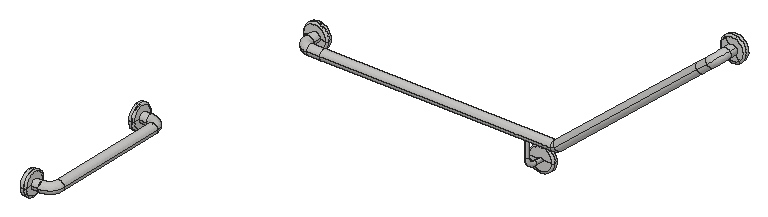
Revit family "RBA4040-345", category Plumbing Fixtures, Revit 2021
Family settings
  Round Connector Dimension = Use Diameter
  Part Type = Normal
  Work Plane-Based = No
  Always vertical = Yes
  Cut with Voids When Loaded = No
  Shared = No
  Room Calculation Point = No
Parameters (values of type "RBA4040-345")
  Watermarked By = "www.rba.com.au"
  URL = "http://www.rba.com.au/accessible-disabled/grab-rails"
  Phone Number = "1300 788 778"
  OFFSET [instance] = 800 mm
  Modified Issue = "20190806.01"
  Model = "RBA4040-345"
  Materials and Finishes = Stainless Steel, Satin Finish
  Manufacturer = "RBA Group"
  Lgth = 900 mm
  Distance Away from Wall [instance] = 100 mm
  Distance Away from Toilet [instance] = 1090 mm
  Diameter = 32 mm
  Description = "40° WC Grab Rail - Left Hand, 450 Straight"
  Default Elevation = 0 mm
  Copyrighted by = "RBA Group"  # constant formula
Reference planes
  plane 1 "Center (Front/Back)": y = 0
  plane 2: z = 0
  plane 3 "Center (Left/Right)": x = 0
  plane 4: z = 800
  plane 5: through (3.288, -1524, 1246.307) normal (-0.766, 0, -0.6428)
  plane 6: x = -1386.005
  plane 7: x = -636.005
  plane 8: x = -536.001
  plane 9: through (-524.958, -1524, 786.839) normal (0.766, 0, 0.6428)
  plane 10: z = 700
  plane 11: through (12.257, -1524, 1260.51) normal (0.6428, 0, -0.766)
  plane 12: x = -1486.005
  plane 13: y = -1090
  plane 14: y = -1074
  plane 15: y = -57
  plane 16: y = -89
  plane 17: x = -1429.005
  plane 18: x = -1397.005
  plane 19: through (22.541, -1524, 1248.253) normal (0.6428, 0, -0.766)
  plane 20: z = 1250.225
Dimensions and locks
  "OFFSET": plane 4 to level
  plane 7 to nested 1 = 750 mm
  plane 6 to plane 8 = 850.004 mm
  plane 5 to plane 9 = 700 mm
  plane 4 to plane 10 = 100 mm
  plane 7 to plane 8 = 100.004 mm
  locked: plane 14 to plane 13 at 16
  "Distance Away from Toilet": plane 13 to plane 1 "Center (Front/Back)"
  "Distance Away from Wall": plane 12 to plane 6
  angle plane 4 to plane 11 = 40.00°
  aligned and locked: level to plane 2
  aligned and locked: plane 4 to nested 1
  aligned and locked: nested 1 to plane 3 "Center (Left/Right)"
  aligned and locked: nested 2 to plane 12
  aligned and locked: plane 4 to nested 2
  aligned and locked: plane 14 to nested 2
Nested families
  nested 1: "RBA4040-800" at (-1426.255, 0, 800), type "RBA4040-800"
  nested 2: "RBA4000-000" at (-1486.005, -624, 422) x (0, 0, 1) z (0, -1, 0), type "RBA4000-045"
    with Length of Rail 450 mm
Definition of nested family "RBA4040-800"
  Parameters (values of type "RBA4040-300")
    Watermarked By = "www.rba.com.au"
    URL = "http://www.rba.com.au/accessible-disabled/grab-rails"
    R_Void [instance] = 15 mm
    R [instance] = 0 mm
    Phone Number = "1300 788 778"
    Model = "RBA4040-300"
    Manufacturer Model = ""
    Manufacturer = "RBA Group"
    Description = "45° WC Grab Rail"
    Default Elevation = 0 mm
    Copyrighted by = "RBA Group"  # constant formula
    BAR = none
    Assembly Code = ""
  Reference planes
    plane 1 "Center (Front/Back)": y = 0
    plane 2: z = 0
    plane 3: x = 40.25
    plane 4: z = -30
    plane 5: z = 30
    plane 6: x = 70.25
    plane 7: x = 10.25
    plane 8: x = 890.254
    plane 9: x = 515.5
    plane 10: through (1491.039, 25.441, 326.048) normal (-0.766, 0, -0.6428)
    plane 11: through (1544.803, 25.441, 355.319) normal (-0.766, 0, -0.6428)
    plane 12: through (1483.101, 25.441, 537.296) normal (0.6428, 0, -0.766)
    plane 13: through (1521.668, 25.441, 491.334) normal (0.6428, 0, -0.766)
    plane 14: z = -130
    plane 15: z = -70
    plane 16: x = 820
    plane 17: x = 760
    plane 18: x = 790.25
    plane 19: z = -100
    plane 20: through (890.5, -4572, -0.294) normal (-0.766, 0, -0.6428)
    plane 21: through (1426.731, -4572, 449.658) normal (-0.766, 0, -0.6428)
    plane 22: x = 1426.255
    plane 23: z = 450.225
  Forms (mm)
    Extrusion 1, solid
      sketch origin (40.25, -2.628, 315.907) x (0, 0, -1) y (-1, 0, 0)
        loop
          circle (315.907, 0) r 40
      from -0.219 to 2.628
    Revolve 2, solid
      sketch origin (40.25, 18.663, 0) x (0, -1, 0) y (1, 0, 0)
        loop
          line (18.663, 0) -> (18.663, -41.5) -> (27.844, -41.5)
          arc (27.844, -41.5) -> (31.337, -40.077) -> (32.842, -36.617) r 5
          line (32.842, -36.617) -> (33.701, 0) -> (18.663, 0)
        axis (18.663, 0) -> (33.701, 0)
      angle from 0 to 360
    Extrusion 3, void
      sketch origin (40.25, 34.941, 315.907) x (0, 0, -1) y (-1, 0, 0)
        loop
          circle (315.907, -30) r 5
        loop
          circle (315.907, 30) r 5
      from -37.788 to -30
    Sweep 4, solid
      path origin (40.25, 9.454, 0) x (0, -1, 0) y (-1, 0, 0)
        loop
          line (12.302, 0) -> (50.454, 0)
          arc (50.454, 0) -> (73.082, -9.373) -> (82.454, -32) r 32
          line (82.454, -32) -> (82.454, -76)
      profile origin (40.25, -21.924, 0) x (1, 0, 0) y (0, 0, 1)
        loop
          circle (0, 0) r 16
    Extrusion 5, solid
      sketch origin (1668.254, -2.628, 653.286) x (-0.766044, 0, -0.642788) y (-0.642788, 0, 0.766044)
        loop
          circle (315.907, 0) r 40
      from -0.219 to 2.628
    Extrusion 6, void
      sketch origin (1668.004, 34.941, 653.286) x (-0.766044, 0, -0.642788) y (-0.642788, 0, 0.766044)
        loop
          circle (315.907, 30) r 5
        loop
          circle (315.907, -30) r 5
      from -37.788 to -30
    Sweep 7, solid
      path origin (1876.206, 9.454, -86.006) x (0, -1, 0) y (0.766044, 0, 0.642788)
        loop
          line (12.302, 0) -> (50.454, 0)
          arc (50.454, 0) -> (73.082, -9.373) -> (82.454, -32) r 32
          line (82.454, -32) -> (82.454, -76)
      profile origin (1876.206, -21.924, -86.006) x (0.766044, 0, 0.642788) y (-0.642788, 0, 0.766044)
        loop
          circle (0, 700) r 16
    Revolve 8, solid
      sketch origin (1426.255, 18.663, 450.225) x (0, -1, 0) y (0.642788, 0, -0.766044)
        loop
          line (18.663, 0) -> (33.701, 0) -> (32.842, 36.617)
          arc (32.842, 36.617) -> (31.337, 40.077) -> (27.844, 41.5) r 5
          line (27.844, 41.5) -> (18.663, 41.5) -> (18.663, 0)
        axis (18.663, 0) -> (33.701, 0)
      angle from 0 to 360
    Sweep 9, solid
      path origin (0, 0, 0) x (1, 0, 0) y (0, 0, 1)
        loop
          line (116.25, 0) -> (882.418, 0)
          arc (882.418, 0) -> (889.258, 1.206) -> (895.274, 4.679) r 20
          line (895.274, 4.679) -> (1368.036, 401.373)
      profile origin (499.334, 0, 0) x (0, 0, 1) y (0, -1, 0)
        loop
          circle (0, 73) r 16
    Extrusion 10, solid
      sketch origin (790.25, -2.628, 215.907) x (0, 0, -1) y (-1, 0, 0)
        loop
          circle (315.907, 0) r 40
      from -0.219 to 2.628
    Revolve 11, solid
      sketch origin (790.25, 18.663, -100) x (0, -1, 0) y (1, 0, 0)
        loop
          line (18.663, 0) -> (18.663, -41.5) -> (27.844, -41.5)
          arc (27.844, -41.5) -> (31.337, -40.077) -> (32.842, -36.617) r 5
          line (32.842, -36.617) -> (33.701, 0) -> (18.663, 0)
        axis (18.663, 0) -> (33.701, 0)
      angle from 0 to 360
    Sweep 12, solid
      path origin (790.25, 9.454, -100) x (0, -1, 0) y (0, 0, -1)
        loop
          line (12.302, 0) -> (50.454, 0)
          arc (50.454, 0) -> (73.082, -9.373) -> (82.454, -32) r 32
          line (82.454, -32) -> (82.454, -100)
      profile origin (790.25, -21.924, -100) x (0, 0, -1) y (1, 0, 0)
        loop
          circle (0, 0) r 6
    Extrusion 13, void
      sketch origin (790, 34.941, 215.907) x (0, 0, -1) y (-1, 0, 0)
        loop
          circle (315.907, -30) r 5
        loop
          circle (315.907, 30) r 5
      from -37.788 to -30
  Cuts and joins
    Extrusion 3, Extrusion 6, Extrusion 13 cuts Extrusion 1
    Extrusion 3, Extrusion 6, Extrusion 13 cuts Revolve 2
    Extrusion 13 cuts Sweep 4
    Extrusion 6 cuts Revolve 8
    Extrusion 13 cuts Revolve 11
    joined: Revolve 2, Sweep 4, Sweep 7, Revolve 8, Sweep 9, Revolve 11, Sweep 12
    Extrusion 6 cuts Extrusion 5
    Extrusion 13 cuts Extrusion 10
  Dimensions and locks
    Revolve 2 sketch curve to Revolve 2 sketch curve = 41.5 mm
    plane 5 to level to plane 4 = 30 mm, 30 mm
    plane 7 to plane 6 = 60 mm
    plane 11 to plane 10 = 60 mm
    plane 12 to plane 13 = 60 mm
    Revolve 8 sketch curve to Revolve 8 sketch curve = 41.5 mm
    Revolve 11 sketch curve to Revolve 11 sketch curve = 41.5 mm
    plane 15 to plane 14 = 60 mm
    plane 17 to plane 16 = 60 mm
    level to plane 19 = 100 mm
    plane 8 to plane 18 = 100.004 mm
    plane 8 to plane 3 = 850.004 mm
    plane 20 to plane 21 = 700 mm
    radius of Extrusion 1 sketch curve = 40 mm
    radius of Sweep 4 sketch curve = 16 mm
    radius of Extrusion 5 sketch curve = 40 mm
    radius of Sweep 7 sketch curve = 16 mm
    radius of Extrusion 10 sketch curve = 40 mm
    radius of Sweep 12 sketch curve = 6 mm
    aligned and locked: Revolve 2 to Extrusion 1
    aligned and locked: Revolve 11 to Extrusion 10
Definition of nested family "RBA4000-000"
  Parameters (values of type "RBA4000-045")
    Watermarked By = "www.rba.com.au"
    URL = "http://www.rba.com.au/accessible-disabled/grab-rails"
    Length of Rail [instance] = 1000 mm
    Phone Number = "1300 788 778"
    Model = "RBA4110-923"
    Manufacturer = "RBA GROUP"
    Description = "90deg Angled Shower Grab Rail"
    Default Elevation = 1219.2 mm
    Copyrighted By = "RBA Group"  # constant formula
    BAR = none
    Assembly Code = ""
  Reference planes
    plane 1 "Center (Front/Back)": y = 0
    plane 2: z = 0
    plane 3: z = 1000
    plane 4: x = 378
    plane 5: through (429.059, 25.441, -143.224) normal (-0.8572, 0, -0.515)
    plane 6: through (278.371, 25.441, -27.78) normal (-0.515, 0, 0.8572)
    plane 7: through (306.699, 25.441, -74.925) normal (-0.515, 0, 0.8572)
    plane 8: through (429.059, 25.441, 956.776) normal (-0.8572, 0, -0.515)
    plane 9: through (278.371, 25.441, 1072.22) normal (-0.515, 0, 0.8572)
    plane 10: through (306.699, 25.441, 1025.075) normal (-0.515, 0, 0.8572)
    plane 11: y = -89
    plane 12: y = -57
  Forms (mm)
    Sweep 1, solid
      path origin (378, -752, 1273.954) x (0, 0, -1) y (0, -1, 0)
        loop
          line (1273.954, -742) -> (1273.954, -711)
          arc (1273.954, -711) -> (1264.582, -688.373) -> (1241.954, -679) r 32
          line (1241.954, -679) -> (305.954, -679)
          arc (305.954, -679) -> (283.327, -688.373) -> (273.954, -711) r 32
          line (273.954, -711) -> (273.954, -742)
      profile origin (378, -73, 500) x (0, 1, 0) y (-1, 0, 0)
        loop
          circle (0, 0) r 16
    Extrusion 2, solid
      sketch origin (62.093, -2.628, 262.5) x (1, 0, 0) y (0, 0, -1)
        loop
          circle (315.907, 262.5) r 37.5
      from -7.372 to 2.628
    Revolve 3, solid
      sketch origin (378, 18.663, 262.5) x (0, -1, 0) y (0, 0, 1)
        loop
          line (18.663, -262.5) -> (33.701, -262.5) -> (32.901, -228.383)
          arc (32.901, -228.383) -> (31.396, -224.923) -> (27.902, -223.5) r 5
          line (27.902, -223.5) -> (18.663, -223.5) -> (18.663, -262.5)
        axis (18.663, -262.5) -> (33.701, -262.5)
      angle from 0 to 360
    Extrusion 4, void
      sketch origin (107.215, 34.941, -162.704) x (0.857167, 0, 0.515038) y (0.515038, 0, -0.857167)
        loop
          circle (315.907, -27.5) r 5
        loop
          circle (315.907, 27.5) r 5
      from -46.533 to -34.941
    Extrusion 5, solid
      sketch origin (62.093, -2.628, 937.5) x (1, 0, 0) y (0, 0, -1)
        loop
          circle (315.907, -62.5) r 37.5
      from -7.372 to 2.628
    Revolve 6, solid
      sketch origin (378, 18.663, 937.5) x (0, -1, 0) y (0, 0, 1)
        loop
          line (18.663, 62.5) -> (36.046, 62.5) -> (35.246, 96.617)
          arc (35.246, 96.617) -> (33.742, 100.077) -> (30.248, 101.5) r 5
          line (30.248, 101.5) -> (18.663, 101.5) -> (18.663, 62.5)
        axis (18.663, 62.5) -> (36.046, 62.5)
      angle from 0 to 360
    Extrusion 7, void
      sketch origin (107.215, 34.941, 937.296) x (0.857167, 0, 0.515038) y (0.515038, 0, -0.857167)
        loop
          circle (264.403, 58.217) r 5
        loop
          circle (264.403, 113.217) r 5
      from -44.941 to -34.941
    Extrusion 8, void
      sketch origin (-1037.907, 0, 600) x (-1, 0, 0) y (0, 0, -1)
        loop
          circle (-1430.457, -424.215) r 5
        loop
          circle (-1401.357, -375.785) r 5
        loop
          circle (-1444.157, -400) r 5
      from 0 to 5
    Extrusion 9, void
      sketch origin (-1037.907, 0, 437.5) x (-1, 0, 0) y (0, 0, -1)
        loop
          circle (-1430.457, 413.285) r 5
        loop
          circle (-1444.157, 437.5) r 5
        loop
          circle (-1401.357, 461.715) r 5
      from 0 to 5
  Cuts and joins
    Extrusion 4, Extrusion 9 cuts Extrusion 2
    Extrusion 7, Extrusion 8 cuts Extrusion 5
    Extrusion 4, Extrusion 9 cuts Revolve 3
    Extrusion 7, Extrusion 8 cuts Revolve 6
    joined: Sweep 1, Revolve 3, Revolve 6
  Dimensions and locks
    "Length of Rail": plane 3 to level
    locked: Revolve 3 sketch curve to Revolve 3 sketch curve at 39
    plane 7 to plane 6 = 55 mm
    locked: Revolve 6 sketch curve to Revolve 6 sketch curve at 39
    plane 10 to plane 9 = 55 mm
    locked: plane 3 to Extrusion 5 sketch curve
    locked: Extrusion 5 sketch curve to plane 4
    locked: Extrusion 8 sketch curve to plane 3 at 24.215
    locked: Extrusion 8 sketch curve to plane 4 at 14.55
    locked: plane 3 to Extrusion 7 sketch curve at 23.572
    locked: Extrusion 7 sketch curve to plane 4 at 14.164
    plane 1 "Center (Front/Back)" to Revolve 6 sketch curve = 17.383 mm
    locked: Extrusion 2 sketch curve to plane 2
    locked: Extrusion 2 sketch curve to plane 4 at 0
    locked: plane 2 to Extrusion 9 sketch curve at 24.215
    locked: plane 4 to Extrusion 9 sketch curve at 14.55
    locked: plane 2 to Extrusion 4 sketch curve at 23.572
    locked: Extrusion 4 sketch curve to plane 4 at 14.164
    locked: Extrusion 8 sketch curve to plane 3 at 0
    locked: plane 3 to Extrusion 8 sketch curve at 24.215
    locked: Extrusion 8 sketch curve to plane 4 at 28.25
    locked: plane 4 to Extrusion 8 sketch curve at 14.55
    locked: plane 4 to Extrusion 7 sketch curve at 14.164
    locked: Extrusion 7 sketch curve to plane 3 at 23.572
    locked: Revolve 6 sketch curve to plane 3 at 34.117
    plane 1 "Center (Front/Back)" to Revolve 6 sketch curve = 16.583 mm
    locked: plane 1 "Center (Front/Back)" to cut or joined group of Sweep 1, Revolve 3, Extrusion 4, Revolve 6, Extrusion 7, Extrusion 8, Extrusion 9 at 0
    plane 3 to level = 1000 mm
    plane 11 to plane 1 "Center (Front/Back)" = 89 mm
    cut or joined group of Sweep 1, Revolve 3, Extrusion 4, Revolve 6, Extrusion 7, Extrusion 8, Extrusion 9 to plane 11 = 89 mm
    radius of Sweep 1 sketch curve = 16 mm
    aligned and locked: Revolve 3 to Extrusion 2
    aligned and locked: Revolve 6 to Extrusion 5
    aligned and locked: plane 3 to Sweep 1 sketch curve
    aligned and locked: Sweep 1 sketch curve to level
    aligned and locked: Extrusion 2 to Extrusion 4
    aligned and locked: Extrusion 5 to Extrusion 7
    aligned and locked: Extrusion 7 to Sweep 1
    aligned and locked: Revolve 6 sketch curve to plane 3  (x2)
    aligned and locked: plane 1 "Center (Front/Back)" to Revolve 6 sketch curve
    aligned and locked: Revolve 3 sketch curve to plane 2  (x2)
    aligned and locked: plane 1 "Center (Front/Back)" to Revolve 3 sketch curve
  Automatic sketch dimensions
    profile plane to Sweep 1 sketch curve = 0 mm
    Sweep 1 sketch curve to profile plane = 0 mm
    plane 1 "Center (Front/Back)" to Revolve 3 sketch curve = 9.239 mm
    Revolve 3 sketch curve to Revolve 3 sketch curve = 4.999 mm
    Revolve 3 sketch curve to Revolve 3 sketch curve = 15.038 mm
    Revolve 3 sketch curve to Revolve 3 sketch curve = 5 mm
    Revolve 3 sketch curve to plane 1 "Center (Front/Back)" = 21.537 mm
    Revolve 3 sketch curve to Revolve 3 sketch curve = 28.425 mm
    plane 6 to Extrusion 4 sketch curve = 0 mm
    Extrusion 4 sketch curve to plane 5 = 30 mm
    Revolve 6 sketch curve to Revolve 6 sketch curve = 4.999 mm
    Revolve 6 sketch curve to plane 1 "Center (Front/Back)" = 21.537 mm
    Revolve 6 sketch curve to Revolve 6 sketch curve = 26.08 mm
    Extrusion 9 sketch curve to level = 0 mm
    plane 4 to Extrusion 9 sketch curve = 14.55 mm
    Extrusion 9 sketch curve to Extrusion 9 sketch curve = 13.7 mm
    level to Extrusion 9 sketch curve = 24.215 mm
    Sweep 1 sketch curve to plane 3 = 32 mm
    Sweep 1 sketch curve to Sweep 1 sketch curve = 32 mm
    plane 1 "Center (Front/Back)" to Sweep 1 sketch curve = 41 mm
    plane 1 "Center (Front/Back)" to Sweep 1 sketch curve = 10 mm  (x2)
    radius of Extrusion 2 sketch curve = 37.5 mm
    radius of Extrusion 4 sketch curve = 5 mm  (x2)
    radius of Extrusion 5 sketch curve = 37.5 mm
    radius of Extrusion 7 sketch curve = 5 mm  (x2)
    radius of Extrusion 8 sketch curve = 5 mm  (x3)
    radius of Extrusion 9 sketch curve = 5 mm  (x3)
  Nested families
    nested 1: "FamilyID" at (1.5, 0, 0), type "FamilyID"
  Definition of nested family "FamilyID"
    Reference planes
      plane 1: y = 0
      plane 2: x = 0
    Text (mm)
      text "RBA COPYRIGHT" at (0.001, 0.001, 0)
